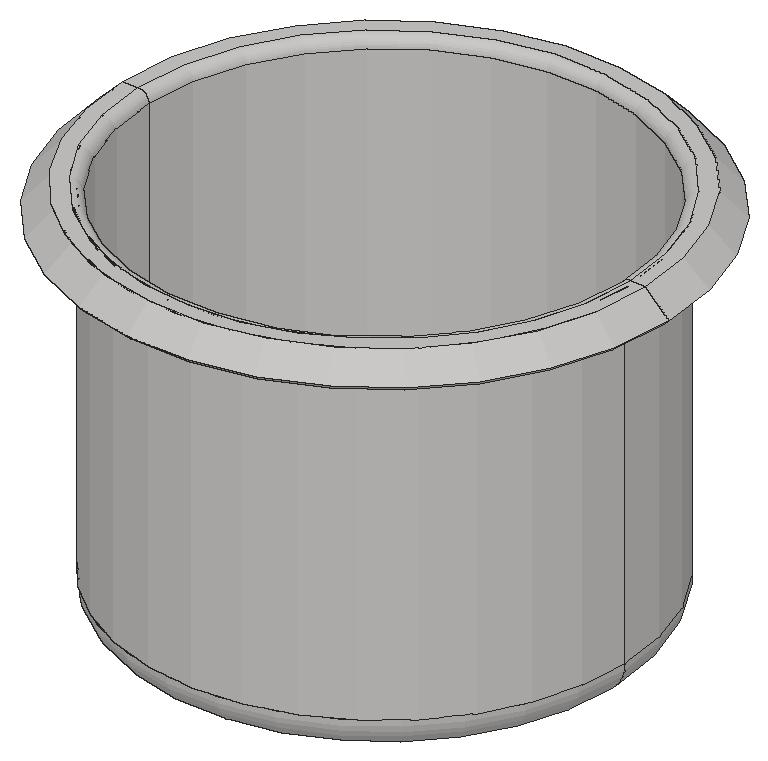
Revit family "Toilet_Tissue_Holder-Bradley_Corp-Security-Recessed-SA11", category Specialty Equipment, host Face, Revit 2012
Parameters (values of type "SA11")
  Width = 6.500"
  Warranty Information = "Complete Unit - One Year"
  Wall Thickness [instance] = 5.000"
  Version = "2.0"
  URL = "http://www.bradleycorp.com/"
  Specifications URL = "http://www.bradleycorp.com/3partspec"
  Product Tech Data URL - Spanish = ""
  Product Tech Data URL - French = ""
  Product Tech Data URL - English = "http://bradleycorp.com/download/571/9200.pdf"
  Percentage of Recycled Content = 0
  OmniClass Table 23 Title = "Toilet Tissue Dispensers"
  OmniClass Table 23 Number = "23.21.43.15.31"
  OmniClass Table 21 Title = "Toilet, Bath, and Laundry Accessories"
  OmniClass Table 21 Number = "21-03 10 90 40"
  Modeling Code = ""
  Model = "SA11"
  Material = Metal - Bradley Corp - Stainless Steel - Satin
  MasterFormat Title = "Security Toilet Accessories"
  MasterFormat Number = "10 28 13.53"
  Manufacturer = "Bradley Corporation"
  Low Emitting Material = no
  Low Emitting Finish = no
  LEED Credit = ""
  Industry Standards = ""
  Height = 6.500"
  Fire Rating = ""
  Description = "Security Toilet Tissue Roll Holder"
  Depth = 4.313"
  Default Elevation = 48.000"
  Copyright = "This Model Data is Property of Bradley Corporation"
  Complies To NAFTA = ""
  Buy American Act = "Yes"
  Assembly Code = "C1030200"
  ADA Compliant = "Yes"
Reference planes (in)
  plane 1 "Center (Front/Back)": y = 0
  plane 2: z = 0.0005
  plane 3 "Center (Left/Right)": x = 0
  plane 4: z = -4.0125
Forms (in)
  Revolve 1, void
    sketch origin (0, 0, 0) x (1, 0, 0) y (0, 0, 1)
      loop
        line (-2.75, 0.0005) -> (-2.75, -3.64)
        arc (-2.75, -3.64) -> (-2.6409, -3.9034) -> (-2.3775, -4.0125) r 0.3725
        line (-2.3775, -4.0125) -> (0, -4.0125) -> (0, 0.0005) -> (-2.75, 0.0005)
      axis (0, 0.0005) -> (0, -4.0125)
    angle from 0 to 360
  Revolve 2, solid, material "Metal - Bradley Corp - Stainless Steel - Satin" <- "Material"
    sketch origin (0, 0, 0) x (1, 0, 0) y (0, 0, 1)
      loop
        arc (-2.69, 0.178) -> (-2.72588, 0.26462) -> (-2.8125, 0.3005) r 0.1225
        line (-2.8125, 0.3005) -> (-2.99193, 0.3005) -> (-3.25, 0.04243) -> (-3.20757, 0) -> (-2.96757, 0.24) -> (-2.8125, 0.24)
        arc (-2.8125, 0.24) -> (-2.76831, 0.22169) -> (-2.75, 0.1775) r 0.0625
        line (-2.75, 0.1775) -> (-2.75, -3.64)
        arc (-2.75, -3.64) -> (-2.6409, -3.9034) -> (-2.3775, -4.0125) r 0.3725
        line (-2.3775, -4.0125) -> (0, -4.0125) -> (0, -3.9525) -> (-2.3775, -3.9525)
        arc (-2.3775, -3.9525) -> (-2.59847, -3.86097) -> (-2.69, -3.64) r 0.3125
        line (-2.69, -3.64) -> (-2.69, 0.178)
      axis (0, 0.3005) -> (0, -4.0125)
    angle from 0 to 360
Lines and regions (in)
  Masking region 1
    outline origin (0, 0, 0) x (1, 0, 0) y (0, 1, 0)
      loop
        circle (0, 0) r 3.25
  Masking region 2
    outline origin (0, 0, 0) x (1, 0, 0) y (0, 0, 1)
      loop
        line (-2.99193, 0.3005) -> (-3.25, 0.04243) -> (-3.20757, 0) -> (3.20757, 0) -> (3.25, 0.04243) -> (2.99193, 0.3005) -> (-2.99193, 0.3005)
  Masking region 3
    outline origin (0, 0, 0) x (0, 1, 0) y (0, 0, 1)
      loop
        line (-2.99193, 0.3005) -> (-3.25, 0.04243) -> (-3.20757, 0) -> (3.20757, 0) -> (3.25, 0.04243) -> (2.99193, 0.3005) -> (-2.99193, 0.3005)
  symbolic lines
    curve 1: circle (0, 0, 0) r 2.69 normal (0, 0, 1)
Dimensions and locks (in)
  locked: Revolve 2 to plane 2 at 0.3
  "Depth": plane 4 to Revolve 2
  aligned and locked: plane 2 to host face
  aligned and locked: Revolve 1 sketch curve to plane 2
  aligned and locked: Revolve 1 sketch curve to plane 3 "Center (Left/Right)"  (x2)
  aligned and locked: Revolve 2 sketch curve to plane 3 "Center (Left/Right)"  (x2)
  aligned and locked: Masking region 2 sketch curve to Revolve 2
Automatic sketch dimensions
  host sketch curve to host sketch curve = 96.000"  (x2)
  Revolve 1 sketch curve to plane 4 = 0.000"
  plane 4 to Revolve 1 sketch curve = 0.3725"
  Revolve 1 sketch curve to plane 3 "Center (Left/Right)" = 2.3775"
  Revolve 1 sketch curve to Revolve 1 sketch curve = 1.57987"
  Revolve 1 sketch curve to Revolve 1 sketch curve = 1.250"
  Revolve 2 sketch curve to Revolve 2 sketch curve = 0.000"  (x3)
  Revolve 2 sketch curve to Revolve 2 sketch curve = 0.0005"
  Revolve 2 sketch curve to level = 0.000"
  Revolve 2 sketch curve to plane 4 = 0.000"
  Revolve 2 sketch curve to Revolve 2 sketch curve = 2.3775"
  Revolve 2 sketch curve to Revolve 2 sketch curve = 0.3125"
  Revolve 2 sketch curve to Revolve 2 sketch curve = 0.060"
  Revolve 2 sketch curve to Revolve 2 sketch curve = 0.0625"
  level to Revolve 2 sketch curve = 0.240"
  Revolve 2 sketch curve to Revolve 2 sketch curve = 0.15507"
  Revolve 2 sketch curve to Revolve 2 sketch curve = 0.02435"
  Revolve 2 sketch curve to Revolve 2 sketch curve = 0.240"
  Revolve 2 sketch curve to Revolve 2 sketch curve = 1.57987"
  level to Revolve 2 sketch curve = 1.550"
  plane 1 "Center (Front/Back)" to Masking region 1 sketch curve = 0.000"
  Masking region 1 sketch curve to plane 3 "Center (Left/Right)" = 0.000"
  plane 1 "Center (Front/Back)" to curve 1 = 0.000"
  curve 1 to plane 3 "Center (Left/Right)" = 0.000"
  Masking region 2 sketch curve to level = 0.000"
  plane 2 to Masking region 2 sketch curve = 0.04193"  (x2)
  Masking region 2 sketch curve to plane 3 "Center (Left/Right)" = 3.250"
  Masking region 2 sketch curve to Masking region 2 sketch curve = 0.04243"
  plane 3 "Center (Left/Right)" to Masking region 2 sketch curve = 2.99193"
  Masking region 2 sketch curve to Masking region 2 sketch curve = 0.21565"
  Masking region 3 sketch curve to level = 0.000"
  plane 1 "Center (Front/Back)" to Masking region 3 sketch curve = 3.250"
  plane 2 to Masking region 3 sketch curve = 0.04193"  (x2)
  Masking region 3 sketch curve to Masking region 3 sketch curve = 0.04243"
  Masking region 3 sketch curve to Masking region 3 sketch curve = 0.25807"
  Masking region 3 sketch curve to plane 1 "Center (Front/Back)" = 2.99193"
  Masking region 3 sketch curve to Masking region 3 sketch curve = 0.21565"
  radius of Masking region 1 sketch curve = 3.250"
  radius of curve 1 = 2.690"
